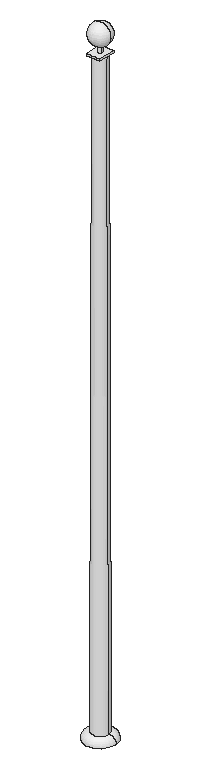
Revit family
Parameters (values of type "9 Meters")
  Material pole = Metal - Aluminum
  Keynote = "Q"
  Base = 250 mm
  Height = 9000 mm
  Top = 200 mm
Types (4, lengths in mm): name | Base | Height | Top
  (no name) | 250 | 9000 | 200
  6 meters | 254 | 6096 | 203.2
  9 Meters | 250 | 9000 | 200
  12 meters | 254 | 12192 | 203.2
Reference planes
  plane 1 "Center (Front/Back)": y = 0
  plane 2: z = -50.8
  plane 3 "Center (Left/Right)": x = 0
  plane 4: x = -100
  plane 5: x = 100
  plane 6: y = -125
  plane 7: y = 125
  plane 8: z = 8949.2
  plane 9: z = 8974.6
  plane 10: z = 9214.122
Forms (mm)
  Blend 1, solid, material "Metal - Aluminum" <- "Material pole"
    base sketch origin (0, 0, 0) x (1, 0, 0) y (0, 1, 0)
      loop
        circle (0, 0) r 125.4
    top sketch origin (0, 0, 0) x (1, 0, 0) y (0, 1, 0)
      loop
        circle (0, 0) r 100
    from 101.6 to 8949.2
  Revolve 2, solid, material "Metal - Aluminum" <- "Material pole"
    sketch origin (0, 0, 0) x (1, 0, 0) y (0, 0, 1)
      loop
        line (0, 101.6) -> (-125.4, 101.6)
        arc (-125.4, 101.6) -> (-197.242, 71.842) -> (-227, 0) r 101.6
        line (-227, 0) -> (0, 0) -> (0, 101.6)
      axis (0, 0) -> (0, 101.6)
    angle from 0 to 360
  Revolve 3, solid, material "Metal - Aluminum" <- "Material pole"
    sketch origin (-5.201, 0, 33.479) x (1, 0, 0) y (0, 0, 1)
      loop
        line (5.201, 9333.043) -> (5.201, 9307.643)
        arc (5.201, 9307.643) -> (132.201, 9180.643) -> (5.201, 9053.643) r 127
        line (5.201, 9053.643) -> (5.201, 9028.243)
        arc (5.201, 9028.243) -> (157.601, 9180.643) -> (5.201, 9333.043) r 152.4
      axis (5.201, 9333.043) -> (5.201, 9028.243)
    angle from 0 to 360
  Extrusion 4, solid, material "Metal - Aluminum" <- "Material pole"
    sketch origin (0, 0, 0) x (1, 0, 0) y (0, 1, 0)
      loop
        line (-100, 125) -> (-100, -125) -> (100, -125) -> (100, 125) -> (-100, 125)
    from 8974.6 to 8949.2
  Extrusion 5, solid, material "Metal - Aluminum" <- "Material pole"
    sketch origin (0, 0, 0) x (1, 0, 0) y (0, 1, 0)
      loop
        circle (0, 0) r 25.4
    from 9214.122 to 8974.6
Lines and regions (mm)
  model lines, style "Misc"
    curve 1: arc (227, 0, 0) -> (0, 227, 0) -> (-227, 0, 0) r 227
    curve 2: arc (-227, 0, 0) -> (0, -227, 0) -> (227, 0, 0) r 227
    curve 3: arc (125.4, 0, 0) -> (0, 125.4, 0) -> (-125.4, 0, 0) r 125.4
    curve 4: arc (-125.4, 0, 0) -> (0, -125.4, 0) -> (125.4, 0, 0) r 125.4
